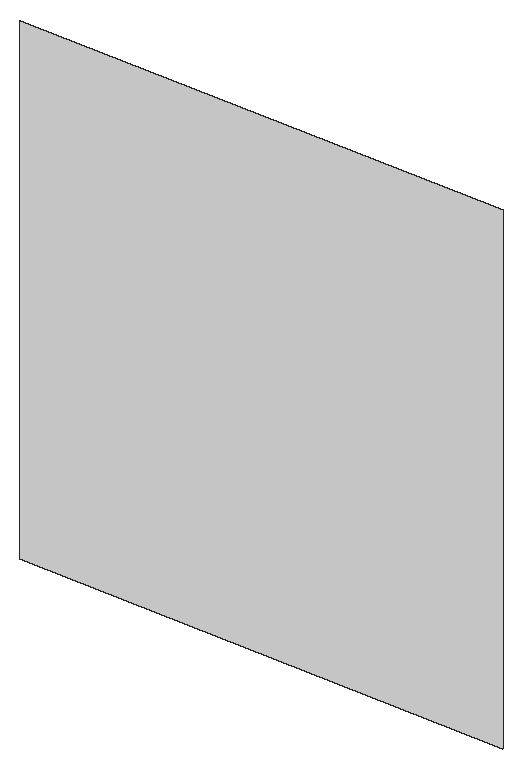
Revit family "PKNail Quad Outlet", category Electrical Fixtures, host Wall, Revit 2017
Family settings
  Host = Wall
  Maintain Annotation Orientation = No
  Round Connector Dimension = Use Diameter
  Part Type = Normal
  Always vertical = Yes
  Cut with Voids When Loaded = No
  Shared = No
  Room Calculation Point = No
Parameters (values of type "Quad Outlet")
  Width = 114.00 mm
  PKNail Family Measure Location Centered = yes
  PKNail Family Instance Elevation [instance] = 254.00 mm
  PKNail Family Fixed Dimensions = "Width:Height"
  Height = 114.00 mm
  Finish = Plastic - White
Reference planes
  plane 1: y = 0
  plane 2 "Center (Left/Right)": x = 0
  plane 3 "Back": y = 76.2
  plane 4 "Left": x = -57
  plane 5 "Right": x = 57
  plane 6: z = 247.65
  plane 7: z = 361.65
  plane 8 "Center (Elevation)": z = 304.65
  plane 9: y = 80.962
  plane 10: y = 82.55
  plane 11: z = 50.65
Forms (mm)
  Blend 1, solid, material "Plastic - White" <- "Finish"
    base sketch origin (0, 76.2, 0) x (1, 0, 0) y (0, 0, 1)
      loop
        line (57, 361.65) -> (-57, 361.65) -> (-57, 247.65) -> (57, 247.65) -> (57, 361.65)
    top sketch origin (0, 76.2, 0) x (1, 0, 0) y (0, 0, 1)
      loop
        line (52.238, 356.888) -> (-52.237, 356.888) -> (-52.237, 252.413) -> (52.238, 252.413) -> (52.238, 356.888)
    from 0 to -4.762
Lines and regions (mm)
  model lines, style "InvisibleLines"
    curve 1: line (0, 76.2, 247.65) -> (0, 76.2, 50.65)
Text (mm)
  text "Placement Side" at (0, 1019.848, 3124.603), in view "Right"
  text "Placement Side" at (0, 1206.291, 3571.227), in view "Left"
Dimensions and locks
  locked: plane 3 "Back" to host wall
  "Height": plane 6 to plane 7
  "Width": plane 5 "Right" to plane 4 "Left"
  equal spacing: plane 5 "Right", plane 2 "Center (Left/Right)", plane 4 "Left"
  equal spacing: plane 6, plane 8 "Center (Elevation)", plane 7
  locked: plane 3 "Back" to plane 9 at 4.762
  locked: plane 9 to plane 10 at 1.588
  "PKNail Family Instance Elevation": plane 11 to plane 8 "Center (Elevation)"
  aligned and locked: plane 6 to Blend 1 sketch curve
  aligned and locked: plane 5 "Right" to Blend 1 sketch curve
  aligned and locked: Blend 1 sketch curve to plane 7
  aligned and locked: plane 3 "Back" to nested 1
  aligned and locked: Blend 1 to curve 1
  aligned and locked: curve 1 to plane 2 "Center (Left/Right)"
Automatic sketch dimensions
  plane 4 "Left" to Blend 1 sketch curve = 4.762 mm
  Blend 1 sketch curve to plane 5 "Right" = 4.763 mm
  Blend 1 sketch curve to plane 6 = 4.762 mm
  plane 7 to Blend 1 sketch curve = 4.762 mm
  Blend 1 sketch curve to plane 4 "Left" = 0.00 mm
  curve 1 to plane 11 = 0.00 mm
Nested families
  nested 1: "Outlet Annotation-Quad" at (-0.091, 76.2, 0), type "Outlet Annotation-Quad"
Definition of nested family "Outlet Annotation-Quad"
  Reference planes
    plane 1: y = 0
    plane 2: x = 0
  Lines and regions (mm)
    detail lines
      curve 1: arc (-1.218, 2.709, 0) -> (1.219, 4.043, 0) -> (-1.218, 2.709, 0) r 1.389
      curve 2: line (-0.461, 0.398, 0) -> (-0.461, 4.687, 0)
      curve 3: line (0.461, 0.398, 0) -> (0.461, 4.684, 0)
      curve 4: line (1.308, 2.91, 0) -> (-1.308, 2.91, 0)
      curve 5: line (1.311, 3.836, 0) -> (-1.311, 3.836, 0)
